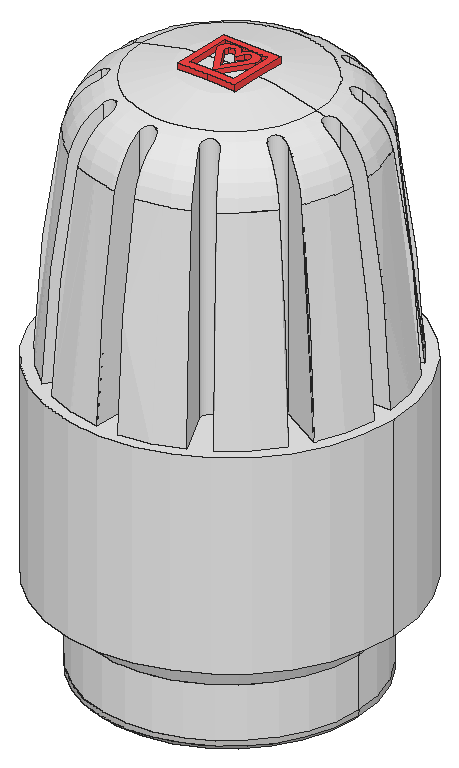
Revit family "Термостатическая головка ГЕРЦКУЛЕС в сверхпрочном исполнении,  с присоединительной резьбой М 28х1.5, 9860", category Rohrzubehör, Revit 2020
Family settings
  Bemaßung runder Anschluss = Durchmesser verwenden
  Teiletyp = Normal
  OmniClass-Nummer = 23.65.55.14
  OmniClass-Titel = Valves for Liquid Services
  Arbeitsebenenbasiert = Nein
  Immer vertikal = Nein
  Beim Laden mit Abzugskörper schneiden = Nein
  Gemeinsam genutzt = Nein
Parameters
  Принцип действия = "HERZ-термостатическая головка является датчиком прямого регулирования.\r\nИзменение объема жидкости в HERZ-гидросенсоре приводит в движение шток клапана."
  Область применения = "\"ГЕРЦКУЛЕС\" термостатическая головка предназначена для монтажа на всех HERZ-клапанах, предназначенных для термостатической работы."
  Номер заказа = 1986010  # constant formula
  Маховик = "Пластик, белый"  # constant formula
  Исполнение = "Термостатическая головка \"ГЕРЦКУЛЕС\" в сверхпрочном исполнении с защитой от вандализма, кражи и неумелого обращения. Монтаж, демонтаж и настройка необходимых значений возможны только с помощью специальных ключей. Положение настройки блокируется, заблокированная позиция настройки в рабочем состоянии скрыта от доступа.  С позицией морозозащиты."
  Диапазон регулирования = "8 - 26°C"  # constant formula
  Vorgabe-Ansicht = 0.000 mm
  URL = "www.herz-armaturen.ru"
  S02 = 60.000 mm  # constant formula
  S01 = 81.000 mm  # constant formula
  Hersteller = "HERZ Armaturen Ges.m.b.H."  # constant formula
Reference planes
  plane 1 "Mitte (Vorne/hinten)": y = 0
  plane 2: z = 0
  plane 3 "Mitte (Links/rechts)": x = 0
Forms (mm)
  Revolve 1, solid, material "Kunststoff weiß", detail levels fine
    sketch origin (0, 0, 0) x (1, 0, 0) y (0, 0, 1)
      loop
        line (-20.5, -3.5) -> (-14, -3.5) -> (-14, 0) -> (0, 0) -> (0, 81)
        arc (0, 81) -> (-6.982, 80.51) -> (-13.827, 79.05) r 50
        arc (-13.827, 79.05) -> (-18.34, 76.173) -> (-20.722, 71.381) r 10
        arc (-20.722, 71.381) -> (-23.123, 55.561) -> (-24.254, 39.6) r 200.5
        line (-24.254, 39.6) -> (-26, 39.6) -> (-26, 9) -> (-23.156, 9) -> (-20.5, 4.4) -> (-20.5, -3.5)
      axis (0, 81) -> (0, -3.5)
    angle from 0 to 360
  Revolve 2, solid, material "Messing verzinkt", detail levels fine
    sketch origin (0, 0, -5) x (1, 0, 0) y (0, 0, 1)
      loop
        line (-14, 0) -> (-14, 1.5) -> (-20.5, 1.5) -> (-20.5, 0.7) -> (-19.8, 0) -> (-14, 0)
      axis (0, 1.5) -> (0, 0)
    angle from 0 to 360
  Extrusion 3, void
    sketch origin (0, 0, 0) x (1, 0, 0) y (0, 1, 0)
      loop
        line (1.7, -24.289) -> (1.331, -16.288)
        arc (1.331, -16.288) -> (-0.021, -15) -> (-1.366, -16.294) r 1.35
        line (-1.366, -16.294) -> (-1.7, -24.292)
        arc (-1.7, -24.292) -> (0, -24.35) -> (1.7, -24.289) r 24.35
      loop
        arc (-13.65, -20.176) -> (-12.208, -21.079) -> (-10.707, -21.879) r 24.35
        line (-10.707, -21.879) -> (-6.996, -14.785)
        arc (-6.996, -14.785) -> (-7.515, -12.992) -> (-9.329, -13.431) r 1.35
        line (-9.329, -13.431) -> (-13.65, -20.176)
      loop
        line (-20.194, -13.632) -> (-13.449, -9.312)
        arc (-13.449, -9.312) -> (-13.009, -7.497) -> (-14.803, -6.979) r 1.35
        line (-14.803, -6.979) -> (-21.896, -10.689)
        arc (-21.896, -10.689) -> (-21.097, -12.19) -> (-20.194, -13.632) r 24.35
      loop
        arc (-24.307, 1.718) -> (-24.368, 0.018) -> (-24.309, -1.682) r 24.35
        line (-24.309, -1.682) -> (-16.311, -1.349)
        arc (-16.311, -1.349) -> (-15.018, -0.003) -> (-16.305, 1.349) r 1.35
        line (-16.305, 1.349) -> (-24.307, 1.718)
      loop
        arc (1.7, 24.289) -> (0, 24.35) -> (-1.7, 24.292) r 24.35
        line (-1.7, 24.292) -> (-1.366, 16.294)
        arc (-1.366, 16.294) -> (-0.021, 15) -> (1.331, 16.288) r 1.35
        line (1.331, 16.288) -> (1.7, 24.289)
      loop
        line (-13.65, 20.176) -> (-9.329, 13.431)
        arc (-9.329, 13.431) -> (-7.515, 12.992) -> (-6.996, 14.785) r 1.35
        line (-6.996, 14.785) -> (-10.707, 21.879)
        arc (-10.707, 21.879) -> (-12.208, 21.079) -> (-13.65, 20.176) r 24.35
      loop
        arc (-20.194, 13.632) -> (-21.097, 12.19) -> (-21.896, 10.689) r 24.35
        line (-21.896, 10.689) -> (-14.803, 6.979)
        arc (-14.803, 6.979) -> (-13.009, 7.497) -> (-13.449, 9.312) r 1.35
        line (-13.449, 9.312) -> (-20.194, 13.632)
      loop
        line (24.307, 1.718) -> (16.305, 1.349)
        arc (16.305, 1.349) -> (15.018, -0.003) -> (16.311, -1.349) r 1.35
        line (16.311, -1.349) -> (24.309, -1.682)
        arc (24.309, -1.682) -> (24.368, 0.018) -> (24.307, 1.718) r 24.35
      loop
        arc (13.65, 20.176) -> (12.208, 21.079) -> (10.707, 21.879) r 24.35
        line (10.707, 21.879) -> (6.996, 14.785)
        arc (6.996, 14.785) -> (7.515, 12.992) -> (9.329, 13.431) r 1.35
        line (9.329, 13.431) -> (13.65, 20.176)
      loop
        line (20.194, 13.632) -> (13.449, 9.312)
        arc (13.449, 9.312) -> (13.009, 7.497) -> (14.803, 6.979) r 1.35
        line (14.803, 6.979) -> (21.896, 10.689)
        arc (21.896, 10.689) -> (21.097, 12.19) -> (20.194, 13.632) r 24.35
      loop
        line (13.65, -20.176) -> (9.329, -13.431)
        arc (9.329, -13.431) -> (7.515, -12.992) -> (6.996, -14.785) r 1.35
        line (6.996, -14.785) -> (10.707, -21.879)
        arc (10.707, -21.879) -> (12.208, -21.079) -> (13.65, -20.176) r 24.35
      loop
        arc (20.194, -13.632) -> (21.097, -12.19) -> (21.896, -10.689) r 24.35
        line (21.896, -10.689) -> (14.803, -6.979)
        arc (14.803, -6.979) -> (13.009, -7.497) -> (13.449, -9.312) r 1.35
        line (13.449, -9.312) -> (20.194, -13.632)
    from 39.6 to 90
Cuts and joins
  Extrusion 3 cuts Revolve 1
Lines and regions (mm)
  model lines, detail levels coarse+medium
    curve 1: line (0, 0, 0) -> (0, 0, 21)
    curve 2: line (0, -0.017, 0) -> (0, 21, 0)
    curve 3: circle (0, 0, 51) r 30 normal (0, -1, 0)
    curve 4: circle (0, 0, 51) r 30 normal (1, 0, 0)
    curve 5: line (0, 0, 31) -> (0, 0, 71)
    curve 6: line (0, 17.5, 71) -> (0, -17.5, 71)
    curve 7: line (0, 0, 31) -> (0, 0, 71)
    curve 8: line (-17.5, 0, 71) -> (17.5, 0, 71)
    curve 9: circle (0, 51, 0) r 30 normal (0, 0, 1)
    curve 10: line (0, 31, 0) -> (0, 71, 0)
    curve 11: line (-17.5, 71, 0) -> (17.5, 71, 0)
Dimensions and locks
  nested 1 to plane 2 = 80.000 mm
  "S01": curve 4 to plane 2
  "S01": curve 3 to plane 2
  "S01": plane 1 "Mitte (Vorne/hinten)" to curve 9
  "S02": diameter of curve 3
  "S02": diameter of curve 4
  "S02": diameter of curve 9
  aligned and locked: level to plane 2
Automatic sketch dimensions
  Revolve 1 sketch curve to level = 0.000 mm
  Revolve 1 sketch curve to plane 3 "Mitte (Links/rechts)" = 0.000 mm  (x2)
  Revolve 1 sketch curve to plane 3 "Mitte (Links/rechts)" = 10.903 mm
  Revolve 1 sketch curve to plane 3 "Mitte (Links/rechts)" = 14.000 mm
  Revolve 1 sketch curve to Revolve 1 sketch curve = 6.500 mm
  level to Revolve 1 sketch curve = 9.000 mm
  Revolve 1 sketch curve to Revolve 1 sketch curve = 2.656 mm
  Revolve 1 sketch curve to plane 3 "Mitte (Links/rechts)" = 24.254 mm
  Revolve 1 sketch curve to Revolve 1 sketch curve = 1.746 mm
  level to Revolve 1 sketch curve = 33.411 mm
  plane 3 "Mitte (Links/rechts)" to Revolve 1 sketch curve = 176.150 mm
  Revolve 1 sketch curve to level = 3.500 mm
  level to Revolve 1 sketch curve = 4.400 mm
  level to Revolve 1 sketch curve = 31.000 mm
  Revolve 1 sketch curve to Revolve 1 sketch curve = 8.600 mm
  Revolve 1 sketch curve to Revolve 1 sketch curve = 29.887 mm
  Revolve 1 sketch curve to Revolve 1 sketch curve = 11.513 mm
  Revolve 1 sketch curve to Revolve 1 sketch curve = 2.925 mm
  level to Revolve 1 sketch curve = 5.000 mm
  Revolve 1 sketch curve to Revolve 1 sketch curve = 2133.315 mm
  Revolve 2 sketch curve to plane 3 "Mitte (Links/rechts)" = 0.000 mm
  Revolve 2 sketch curve to level = 5.000 mm
  Revolve 2 sketch curve to plane 3 "Mitte (Links/rechts)" = 14.000 mm
  Revolve 2 sketch curve to Revolve 2 sketch curve = 5.800 mm
  Revolve 2 sketch curve to Revolve 2 sketch curve = 0.700 mm  (x2)
  Revolve 2 sketch curve to Revolve 2 sketch curve = 1.500 mm
  Revolve 2 sketch curve to Revolve 2 sketch curve = 366.045 mm
  level to Revolve 2 sketch curve = 2209.315 mm
  Extrusion 3 sketch curve to Extrusion 3 sketch curve = 0.000 mm  (x62)
  plane 1 "Mitte (Vorne/hinten)" to Extrusion 3 sketch curve = 0.000 mm  (x4)
  plane 1 "Mitte (Vorne/hinten)" to Extrusion 3 sketch curve = 1.682 mm  (x2)
  Extrusion 3 sketch curve to plane 3 "Mitte (Links/rechts)" = 24.309 mm
  Extrusion 3 sketch curve to plane 1 "Mitte (Vorne/hinten)" = 1.718 mm  (x2)
  Extrusion 3 sketch curve to Extrusion 3 sketch curve = 0.002 mm
  plane 1 "Mitte (Vorne/hinten)" to Extrusion 3 sketch curve = 10.689 mm  (x2)
  Extrusion 3 sketch curve to Extrusion 3 sketch curve = 2.413 mm
  plane 1 "Mitte (Vorne/hinten)" to Extrusion 3 sketch curve = 13.632 mm
  Extrusion 3 sketch curve to Extrusion 3 sketch curve = 4.113 mm
  Extrusion 3 sketch curve to Extrusion 3 sketch curve = 7.942 mm
  plane 1 "Mitte (Vorne/hinten)" to Extrusion 3 sketch curve = 1.349 mm  (x2)
  Extrusion 3 sketch curve to Extrusion 3 sketch curve = 0.056 mm
  Extrusion 3 sketch curve to plane 1 "Mitte (Vorne/hinten)" = 1.349 mm  (x2)
  Extrusion 3 sketch curve to plane 1 "Mitte (Vorne/hinten)" = 6.979 mm  (x2)
  Extrusion 3 sketch curve to Extrusion 3 sketch curve = 1.503 mm  (x4)
  plane 1 "Mitte (Vorne/hinten)" to Extrusion 3 sketch curve = 6.979 mm  (x2)
  Extrusion 3 sketch curve to Extrusion 3 sketch curve = 1.509 mm
  Extrusion 3 sketch curve to Extrusion 3 sketch curve = 0.626 mm  (x6)
  Extrusion 3 sketch curve to Extrusion 3 sketch curve = 6.544 mm  (x2)
  Extrusion 3 sketch curve to plane 1 "Mitte (Vorne/hinten)" = 9.312 mm
  Extrusion 3 sketch curve to Extrusion 3 sketch curve = 0.728 mm  (x6)
  plane 1 "Mitte (Vorne/hinten)" to Extrusion 3 sketch curve = 9.312 mm
  Extrusion 3 sketch curve to Extrusion 3 sketch curve = 2.943 mm  (x4)
  Extrusion 3 sketch curve to Extrusion 3 sketch curve = 4.120 mm  (x6)
  Extrusion 3 sketch curve to Extrusion 3 sketch curve = 1.137 mm  (x4)
  Extrusion 3 sketch curve to Extrusion 3 sketch curve = 1.196 mm  (x5)
  Extrusion 3 sketch curve to plane 3 "Mitte (Links/rechts)" = 1.700 mm  (x2)
  Extrusion 3 sketch curve to plane 3 "Mitte (Links/rechts)" = 1.366 mm  (x2)
  Extrusion 3 sketch curve to plane 3 "Mitte (Links/rechts)" = 0.018 mm  (x2)
  plane 3 "Mitte (Links/rechts)" to Extrusion 3 sketch curve = 0.018 mm
  plane 3 "Mitte (Links/rechts)" to Extrusion 3 sketch curve = 1.331 mm  (x2)
  plane 3 "Mitte (Links/rechts)" to Extrusion 3 sketch curve = 1.700 mm  (x2)
  Extrusion 3 sketch curve to Extrusion 3 sketch curve = 5.665 mm  (x2)
  Extrusion 3 sketch curve to Extrusion 3 sketch curve = 3.710 mm  (x2)
  Extrusion 3 sketch curve to Extrusion 3 sketch curve = 0.006 mm  (x3)
  Extrusion 3 sketch curve to Extrusion 3 sketch curve = 6.745 mm  (x6)
  Extrusion 3 sketch curve to Extrusion 3 sketch curve = 1.702 mm  (x3)
  Extrusion 3 sketch curve to plane 1 "Mitte (Vorne/hinten)" = 10.689 mm  (x2)
  Extrusion 3 sketch curve to Extrusion 3 sketch curve = 8.002 mm  (x3)
  Extrusion 3 sketch curve to Extrusion 3 sketch curve = 7.181 mm
  Extrusion 3 sketch curve to Extrusion 3 sketch curve = 4.848 mm
  Extrusion 3 sketch curve to Extrusion 3 sketch curve = 2.333 mm
  Extrusion 3 sketch curve to Extrusion 3 sketch curve = 4.320 mm
  curve 5 to plane 1 "Mitte (Vorne/hinten)" = 0.000 mm
  curve 4 to plane 1 "Mitte (Vorne/hinten)" = 0.000 mm
  plane 1 "Mitte (Vorne/hinten)" to curve 6 = 17.500 mm
  curve 5 to curve 6 = 17.500 mm
  curve 5 to curve 4 = 20.000 mm
  curve 4 to curve 6 = 20.000 mm
  curve 3 to plane 3 "Mitte (Links/rechts)" = 0.000 mm
  curve 7 to plane 3 "Mitte (Links/rechts)" = 0.000 mm
  curve 1 to plane 3 "Mitte (Links/rechts)" = 0.000 mm
  curve 1 to level = 0.000 mm
  curve 8 to curve 7 = 17.500 mm
  plane 3 "Mitte (Links/rechts)" to curve 8 = 17.500 mm
  curve 1 to curve 7 = 10.000 mm
  curve 3 to curve 8 = 20.000 mm
  curve 9 to plane 3 "Mitte (Links/rechts)" = 0.000 mm
  curve 10 to plane 3 "Mitte (Links/rechts)" = 0.000 mm
  curve 2 to plane 3 "Mitte (Links/rechts)" = 0.000 mm
  curve 11 to curve 10 = 17.500 mm
  plane 3 "Mitte (Links/rechts)" to curve 11 = 17.500 mm
  plane 1 "Mitte (Vorne/hinten)" to curve 2 = 0.017 mm
  curve 2 to curve 10 = 10.000 mm
  curve 9 to curve 11 = 20.000 mm
Nested families
  nested 1: "Herz-Logo" at (0, 0, 80), type "Herz-Logo", detail levels fine
Definition of nested family "Herz-Logo"
  Parameters (values of type "Herz-Logo")
    Default Elevation = 0.000 mm
  Reference planes
    plane 1 "Mitte (Vorne/hinten)": y = 0
    plane 2: z = 0
    plane 3 "Mitte (Links/rechts)": x = 0
  Forms (mm)
    Extrusion 1, solid
      sketch origin (0, 0, 0) x (1, 0, 0) y (0, 1, 0)
        loop
          line (-0.018, -4.517) -> (4.482, -4.517) -> (4.482, 4.483) -> (-4.518, 4.483) -> (-4.518, -4.517) -> (-0.018, -4.517)
        loop
          line (-0.05, -3.48) -> (3.482, -3.48) -> (3.482, 3.483) -> (-3.518, 3.483) -> (-3.518, -3.48) -> (-0.05, -3.48)
        loop
          arc (-0.018, 2.383) -> (-1.543, 3.287) -> (-3.067, 2.383) r 1.738
          arc (-3.067, 2.383) -> (-3.191, 1.899) -> (-3.067, 1.415) r 1.009
          line (-3.067, 1.415) -> (-0.018, -3.281) -> (3.032, 1.415)
          arc (3.032, 1.415) -> (3.156, 1.899) -> (3.032, 2.383) r 1.009
          arc (3.032, 2.383) -> (1.507, 3.287) -> (-0.018, 2.383) r 1.738
        loop
          arc (1.885, 1.272) -> (2.005, 1.675) -> (1.885, 2.079) r 0.74
          arc (1.885, 2.079) -> (1.265, 2.416) -> (0.644, 2.079) r 0.74
          line (0.644, 2.079) -> (-0.018, 0.97) -> (-0.679, 2.079)
          arc (-0.679, 2.079) -> (-1.3, 2.416) -> (-1.921, 2.079) r 0.74
          arc (-1.921, 2.079) -> (-2.04, 1.675) -> (-1.921, 1.272) r 0.74
          line (-1.921, 1.272) -> (-0.018, -1.658) -> (1.885, 1.272)
      from 0 to 1.5
  Dimensions and locks
    aligned and locked: level to plane 2
